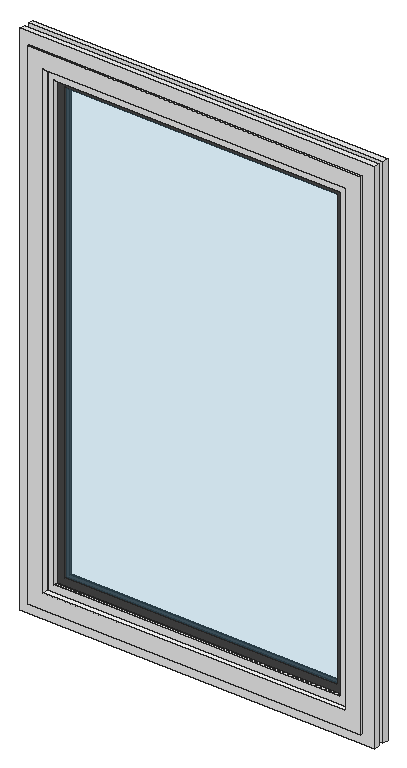
Revit family "Window_System_Solutions-NanaWall-SL-48_Tilt_Turn_Window", category Windows, host Wall, Revit 2026
Family settings
  Host = Wall
  Classification Number = 23.30.20.00
  Always vertical = Yes
  Cut with Voids When Loaded = No
  Shared = No
  Room Calculation Point = No
Parameters (values of type "Tilt Turn Open")
  Width = 36"
  Warranty URL = "http://www.nanawall.com/support/warranty"
  URL = "http://www.nanawall.com"
  Type Comments = ""
  Test Data = ""
  Subcategory = "Window"  # constant formula
  Specification = "https://www.arcat.com/sd/clients/nanawind.html?coid=34380"
  Sash = Metal - NanaWall - Aluminum
  Sales Information = "https://www.nanawall.com/contact"
  Rough Width = Width - 1 25/64"  # 34 39/64"
  Rough Height = Height - 1 25/64"  # 52 39/64"
  Revision = ""
  Product Page URL = "http://www.nanawall.com/products/sl45/matching-windows"
  Product Documentation Link = "http://www.nanawall.com/cad/configuration/details?id=20&name=SL48&typ=match&cid=452&key=Tilt%20Turn%20Window"
  Product Data = "https://www.arcat.com/arcatcos/cos34/arc34380.html"
  Operation = ""
  NanaWall Configurator = "http://www.nanawall.com/content/select-wizard"
  Model = "SL-48 Tilt Turn Window"  # constant formula
  Material = ""
  Manufacturer Website = "https://www.nanawall.com"
  Manufacturer Toll Free Phone = "(888) 411-NANA(6262)"  # constant formula
  Manufacturer Phone - Toll Free = ""
  Manufacturer Phone = "(415) 383-3148"  # constant formula
  Manufacturer Fax = "(415) 383-0312"  # constant formula
  Manufacturer Email = "mailto:info@nanawall.com"
  Manufacturer Address = "100 Meadowcreek Drive #250, Corte Madera, CA 94925"  # constant formula
  Manufacturer = "NanaWall Systems, Inc."  # constant formula
  Keynote = "08 41 00"
  Installation-Fabrication = ""
  Installation and Service URL = "http://www.nanawall.com/support/installer"
  Height = 54"
  Green Building-LEED = "https://www.arcat.com/green/clients/leed_data_34380.html"
  Glazing Options = "http://www.nanawall.com/products/sl48/glazing"
  Glass Material = Glass - NanaWall - Generic
  Filler = Rubber - NanaWall - Black
  Exterior Wall Offset = 3"
  Drawn By = ""
  Disclaimer = "Please note that the Revit model is for schematic purposes only.  To obtain a detailed 3D model, please go to the NanaWall's configurator at www.nanawall.com."  # constant formula
  Description = "Monumental Aluminum Framed Matching Windows and Doors"  # constant formula
  Wall Closure = By host
  Default Sill Height = 30"
  Cost = 0
  Copyright = ""
  Construction Type = ""
  Construction Details = ""
  Category = ""
  Building Codes = ""
  Assembly Code = ""
  95 CSI = "8411"  # constant formula
  04 CSI = "08 52 00"  # constant formula
Reference planes (in)
  plane 1 "Center (Front/Back)": y = 0
  plane 2: z = 0
  plane 3 "Center (Left/Right)": x = 0
  plane 4 "Left": x = -18
  plane 5 "Right": x = 18
  plane 6 "Sill": z = 30
  plane 7 "Top": z = 84
  plane 8: y = 1.125
  plane 9: y = 2
  plane 10: x = -15.90278
  plane 11: x = 15.90278
  plane 12: x = -19.12778
  plane 13: x = 19.12778
  plane 14: z = 85.12778
  plane 15: z = 28.87222
Forms (in)
  Sweep 1, solid, material "Metal - NanaWall - Aluminum" <- "Sash"
    path origin (18, 2, 48) x (1, 0, 0) y (0, 0, 1)
      loop
        line (-36, 36) -> (-36, -18) -> (0, -18) -> (0, 36) -> (-36, 36)
    profile "Frame : Frame" origin (0, 2, 84) x (0, 0, 1) y (0, -1, 0)
      loop
        line (1.12778, -0.875) -> (1.12778, -0.25278) -> (0.75056, -0.25278) -> (0.75056, 0.25278) -> (1.12778, 0.25278) -> (1.12778, 0.875) -> (-0.23333, 0.875) -> (-0.23333, -0.68056) -> (-0.85556, -0.68056) -> (-0.85556, 0.02722) -> (-0.68056, 0.02722) -> (-0.68056, 1.10833) -> (0, 1.10833) -> (0, 1.26389) -> (-1.65278, 1.26389) -> (-1.83412, 0.875) -> (-2.54722, 0.875) -> (-2.54722, 0.48611) -> (-2.21667, 0.48611) -> (-2.21667, 0.64167) -> (-2.48111, 0.64167) -> (-2.48111, 0.79722) -> (-1.83413, 0.79722) -> (-1.75078, 0.34077) -> (-1.84722, 0.31493) -> (-1.84722, -0.23333) -> (-1.78889, -0.23333) -> (-1.78889, -0.15556) -> (-1.65278, -0.15556) -> (-1.65278, -0.79722) -> (-1.76944, -0.79722) -> (-1.78889, -0.7) -> (-1.78889, -0.58333) -> (-1.84722, -0.58333) -> (-1.84722, -0.68056) -> (-2.54722, -0.68056) -> (-2.54722, -0.875) -> (-1.26389, -0.875) -> (-1.26389, -0.79722) -> (-1.55556, -0.79722) -> (-1.55556, -0.525) -> (-0.93333, -0.525) -> (-0.93333, -0.875) -> (1.12778, -0.875)
  Extrusion 2, void
    sketch origin (0, 0, 0) x (1, 0, 0) y (0, 0, 1)
      loop
        line (-19.12778, 85.12778) -> (-19.12778, 28.87222) -> (19.12778, 28.87222) -> (19.12778, 85.12778) -> (-19.12778, 85.12778)
    from -5 to 5
  Sweep 3, solid, material "Rubber - NanaWall - Black" <- "Filler"
    path origin (18, 2, 48) x (1, 0, 0) y (0, 0, 1)
      loop
        line (-36, 36) -> (-36, -18) -> (0, -18) -> (0, 36) -> (-36, 36)
    profile origin (0, 2, 84) x (0, 0, 1) y (0, -1, 0)
      loop
        line (-1.84722, -0.50347) -> (-1.84722, 0.30903) -> (-3.22222, 0.30903) -> (-3.22222, 0.15278) -> (-2.09722, 0.15278) -> (-2.09722, -0.34722) -> (-3.22222, -0.34722) -> (-3.22222, -0.50347) -> (-1.84722, -0.50347)
  Extrusion 4, solid, material "Glass - NanaWall - Generic" <- "Glass Material"
    sketch origin (-18, 0, 0) x (0, -1, 0) y (0, 0, 1)
      loop
        line (-2.34722, 81.90278) -> (-2.34722, 32.09722) -> (-1.84722, 32.09722) -> (-1.84722, 81.90278) -> (-2.34722, 81.90278)
    from -33.90278 to -2.09722
Lines and regions (in)
  Masking region 1
    outline origin (0, 0, 0) x (1, 0, 0) y (0, 1, 0)
      loop
        line (-19.12778, 1.125) -> (-18, 1.125) -> (-18, 0.73611) -> (18, 0.73611) -> (18, 1.125) -> (19.12778, 1.125) -> (19.12778, 1.74722) -> (18.75056, 1.74722) -> (18.75056, 2.25278) -> (19.12778, 2.25278) -> (19.12778, 2.875) -> (-19.12778, 2.875) -> (-19.12778, 2.25278) -> (-18.75056, 2.25278) -> (-18.75056, 1.74722) -> (-19.12778, 1.74722) -> (-19.12778, 1.125)
  Masking region 2
    outline origin (0, 2.9375, 0) x (1, 0, 0) y (0, 1, 0)
      loop
        line (-16.15278, -1.24653) -> (16.15278, -1.24653) -> (16.15278, -0.43403) -> (-16.15278, -0.43403) -> (-16.15278, -1.24653)
  Masking region 3, detail levels medium+fine
    outline origin (0, 0, 0) x (1, 0, 0) y (0, 1, 0)
      loop
        line (-15.90278, 2.34722) -> (-15.90278, 1.84722) -> (15.90278, 1.84722) -> (15.90278, 2.34722) -> (-15.90278, 2.34722)
  symbolic lines, detail levels coarse+medium
    curve 1: line (-16.15278, 0.73611, 0) -> (-16.15278, 2.875, 0)
    curve 2: line (16.15278, 0.73611, 0) -> (16.15278, 2.875, 0)
  symbolic lines, detail levels fine
    curve 3: line (-15.45278, 1.125, 0) -> (15.45278, 1.125, 0)
Text (in)
  text "EXTERIOR" at (-58.6888, 50.90694, 0), in view "Ref. Level"
  text "INTERIOR" at (-58.6888, -37.76638, 0), in view "Ref. Level"
  text "Exterior" at (0, 43.65631, 123.19604), in view "Left"
  text "Exterior" at (0, 18.29385, 125.04747), in view "Right"
Dimensions and locks (in)
  equal spacing: plane 4 "Left", plane 3 "Center (Left/Right)", plane 5 "Right"
  "Width": plane 4 "Left" to plane 5 "Right"
  "Height": plane 6 "Sill" to plane 7 "Top"
  "Default Sill Height": plane 2 to plane 6 "Sill"
  locked: plane 8 to plane 9 at 0.875
  Sweep 3 sketch curve to Sweep 3 sketch curve to Sweep 3 sketch curve to Sweep 3 sketch curve to plane 7 "Top" = 0" locked, 1 1/8" locked, 1/4" locked, 1.84722" locked
  Sweep 3 sketch curve to Sweep 3 sketch curve to plane 9 to Sweep 3 sketch curve to Sweep 3 sketch curve = 5/32" locked, 0.34722" locked, 0.15278" locked, 5/32" locked
  locked: plane 6 "Sill" to Extrusion 4 sketch curve at 2.09722
  Extrusion 4 sketch curve to plane 9 to Extrusion 4 sketch curve = 0.34722" locked, 0.15278" locked
  locked: plane 4 "Left" to plane 10 at 2.09722
  locked: plane 11 to plane 5 "Right" at 2.09722
  Masking region 3 sketch curve to plane 9 to Masking region 3 sketch curve = 0.15278" locked, 0.34722" locked
  locked: Masking region 2 sketch curve to plane 10 at 0.25
  locked: plane 11 to Masking region 2 sketch curve at 0.25
  Masking region 2 sketch curve to plane 9 to Masking region 2 sketch curve = 0.30903" locked, 0.50347" locked
  "Exterior Wall Offset": plane 9 to host wall
  locked: Extrusion 4 sketch curve to plane 7 "Top" at 2.09722
  Masking region 1 sketch curve to Masking region 1 sketch curve to Masking region 1 sketch curve to plane 4 "Left" = 0" locked, 0.37722" locked, 0.75056" locked
  plane 5 "Right" to Masking region 1 sketch curve to Masking region 1 sketch curve to Masking region 1 sketch curve = 0.75056" locked, 0.37722" locked, 0" locked
  Masking region 1 sketch curve to Masking region 1 sketch curve to Masking region 1 sketch curve to plane 9 to Masking region 1 sketch curve to Masking region 1 sketch curve = 0.38889" locked, 0.62222" locked, 0.25278" locked, 0.25278" locked, 0.62222" locked
  Masking region 1 sketch curve to Masking region 1 sketch curve to plane 9 to Masking region 1 sketch curve = 0.62222" locked, 0.25278" locked, 0.25278" locked
  locked: plane 12 to plane 4 "Left" at 1.12778
  locked: plane 5 "Right" to plane 13 at 1.12778
  locked: plane 15 to plane 6 "Sill" at 1.12778
  locked: plane 7 "Top" to plane 14 at 1.12778
  aligned and locked: level to plane 2
  aligned and locked: plane 7 "Top" to Sweep 1 sketch curve
  aligned and locked: plane 5 "Right" to Sweep 1 sketch curve
  aligned and locked: Sweep 1 sketch curve to plane 4 "Left"
  aligned and locked: Sweep 1 sketch curve to plane 6 "Sill"
  aligned and locked: host wall to Extrusion 2  (x2)
  aligned and locked: plane 7 "Top" to nested 1
  aligned and locked: plane 9 to nested 1
  aligned and locked: plane 4 "Left" to nested 2
  aligned and locked: plane 5 "Right" to nested 3
  aligned and locked: nested 4 to plane 9
  aligned and locked: plane 6 "Sill" to nested 4
  aligned and locked: plane 7 "Top" to Sweep 3 sketch curve
  aligned and locked: Sweep 3 sketch curve to plane 4 "Left"
  aligned and locked: Sweep 3 sketch curve to Sweep 1  (x2)
  aligned and locked: plane 10 to Extrusion 4
  aligned and locked: plane 11 to Extrusion 4
  aligned and locked: Masking region 1 sketch curve to plane 4 "Left"
  aligned and locked: Masking region 3 sketch curve to Sweep 3  (x2)
  aligned and locked: plane 9 to nested 3
  aligned and locked: nested 2 to plane 9
  aligned and locked: plane 12 to Extrusion 2 sketch curve
  aligned and locked: Extrusion 2 sketch curve to plane 13
  aligned and locked: Extrusion 2 sketch curve to plane 15
  aligned and locked: Extrusion 2 sketch curve to plane 14
Automatic sketch dimensions
  Masking region 1 sketch curve to plane 5 "Right" = 0"
  plane 8 to curve 3 = 0"
  plane 10 to curve 1 = 1/4"
  curve 3 to plane 10 = 0.45"
  curve 3 to plane 11 = 0.45"
  plane 11 to curve 2 = 1/4"
  plane 8 to curve 1 = 0.38889"
  plane 8 to curve 2 = 0.38889"
  curve 2 to plane 9 = 7/8"
  curve 1 to plane 9 = 7/8"
Nested families (in)
  nested 1: "SL 48 Tilt Turn Detail" at (-18, 2, 84) x (0, -1, 0) z (-1, 0, 0), type "SL 48 Tilt Turn Detail", detail levels fine
  nested 2: "SL 48 Tilt Turn Detail" at (-18, 2, 0) x (0, -1, 0) z (0, 0, 1), type "SL 48 Tilt Turn Detail", detail levels fine
  nested 3: "SL 48 Tilt Turn Detail" at (18, 2, 0) x (0, -1, 0) z (0, 0, 1), type "SL 48 Tilt Turn Detail"
  nested 4: "SL 48 Tilt Turn Detail" at (-18, 2, 30) x (0, -1, 0) z (-1, 0, 0), type "SL 48 Tilt Turn Detail", detail levels fine
Definition of nested family "SL 48 Tilt Turn Detail"
  Reference planes (in)
    plane 1 "Center (Front/Back)": y = 0
    plane 2: z = 0
    plane 3 "Center (Left/Right)": x = 0
  Lines and regions (in)
    detail lines, in view "Ref. Level", detail levels fine
      curve 1: line (-0.69619, 1.12778, 0) -> (-0.875, 1.12778, 0)
      curve 2: line (-0.875, 1.12778, 0) -> (-0.875, -0.93333, 0)
      curve 3: line (-0.68056, 1.06944, 0) -> (-0.69619, 1.12778, 0)
      curve 4: line (-0.805, 1.06944, 0) -> (-0.68056, 1.06944, 0)
      curve 5: line (-0.805, 0.93722, 0) -> (-0.805, 1.06944, 0)
      curve 6: line (-0.31111, 0.93722, 0) -> (-0.805, 0.93722, 0)
      curve 7: line (-0.31111, 1.06944, 0) -> (-0.31111, 0.93722, 0)
      curve 8: line (-0.38889, 1.06944, 0) -> (-0.31111, 1.06944, 0)
      curve 9: line (-0.37326, 1.12778, 0) -> (-0.38889, 1.06944, 0)
      curve 10: line (-0.25278, 1.12778, 0) -> (-0.37326, 1.12778, 0)
      curve 11: line (-0.25278, 1.12778, 0) -> (-0.25278, 0.75056, 0)
      curve 12: line (0.25278, 0.75056, 0) -> (-0.25278, 0.75056, 0)
      curve 13: line (0.25278, 1.12778, 0) -> (0.25278, 0.75056, 0)
      curve 14: line (0.25278, 1.12778, 0) -> (0.37326, 1.12778, 0)
      curve 15: line (0.37326, 1.12778, 0) -> (0.38889, 1.06944, 0)
      curve 16: line (0.38889, 1.06944, 0) -> (0.31111, 1.06944, 0)
      curve 17: line (0.31111, 1.06944, 0) -> (0.31111, 0.93722, 0)
      curve 18: line (0.31111, 0.93722, 0) -> (0.805, 0.93722, 0)
      curve 19: line (0.805, 1.06944, 0) -> (0.805, 0.93722, 0)
      curve 20: line (0.68056, 1.06944, 0) -> (0.805, 1.06944, 0)
      curve 21: line (0.69619, 1.12778, 0) -> (0.68056, 1.06944, 0)
      curve 22: line (0.875, 1.12778, 0) -> (0.69619, 1.12778, 0)
      curve 23: line (0.875, -0.23333, 0) -> (0.875, 1.12778, 0)
      curve 24: line (0.805, 0.74278, 0) -> (0.805, 0.87111, 0)
      curve 25: line (0.805, 0.87111, 0) -> (0.31889, 0.87111, 0)
      curve 26: line (0.31889, 0.87111, 0) -> (0.31889, 0.68444, 0)
      curve 27: line (-0.31889, 0.68444, 0) -> (0.31889, 0.68444, 0)
      curve 28: line (-0.31889, 0.87111, 0) -> (-0.31889, 0.68444, 0)
      curve 29: line (-0.805, 0.87111, 0) -> (-0.31889, 0.87111, 0)
      curve 30: line (-0.805, 0.74278, 0) -> (-0.805, 0.87111, 0)
      curve 31: line (-0.79722, 0.68444, 0) -> (-0.71944, 0.68444, 0)
      curve 32: line (-0.71944, 0.74278, 0) -> (-0.805, 0.74278, 0)
      curve 33: line (-0.79722, 0.02722, 0) -> (-0.79722, 0.68444, 0)
      curve 34: line (0.00794, 0.02722, 0) -> (-0.79722, 0.02722, 0)
      curve 35: line (0.18667, -0.1515, 0) -> (0.00794, 0.02722, 0)
      curve 36: arc (0.26444, 0.02722, 0) -> (0.20945, 0.00444, 0) -> (0.18667, -0.05056, 0) r 0.07778
      curve 37: line (0.18667, -0.05056, 0) -> (0.18667, -0.1515, 0)
      curve 38: line (0.26444, 0.02722, 0) -> (0.79722, 0.02722, 0)
      curve 39: line (0.79722, 0.02722, 0) -> (0.79722, 0.68444, 0)
      curve 40: line (0.71944, 0.74278, 0) -> (0.805, 0.74278, 0)
      curve 41: line (0.79722, 0.68444, 0) -> (0.71944, 0.68444, 0)
      curve 42: line (0.71944, -0.175, 0) -> (0.73507, -0.23333, 0)
      curve 43: line (0.73507, -0.23333, 0) -> (0.875, -0.23333, 0)
      curve 44: line (0.79722, -0.175, 0) -> (0.71944, -0.175, 0)
      curve 45: line (0.79722, -0.03889, 0) -> (0.79722, -0.175, 0)
      curve 46: line (0.25278, -0.03889, 0) -> (0.79722, -0.03889, 0)
      curve 47: line (0.25278, -0.175, 0) -> (0.25278, -0.03889, 0)
      curve 48: line (0.31493, -0.23333, 0) -> (0.33056, -0.175, 0)
      curve 49: line (0.33056, -0.175, 0) -> (0.25278, -0.175, 0)
      curve 50: line (0.03896, -0.23333, 0) -> (0.31493, -0.23333, 0)
      curve 51: line (0.02333, -0.175, 0) -> (0.03896, -0.23333, 0)
      curve 52: line (0.11667, -0.175, 0) -> (0.02333, -0.175, 0)
      curve 53: line (-0.01944, -0.03889, 0) -> (0.11667, -0.175, 0)
      curve 54: line (-0.38889, -0.03889, 0) -> (-0.01944, -0.03889, 0)
      curve 55: line (-0.38889, -0.175, 0) -> (-0.38889, -0.03889, 0)
      curve 56: line (-0.33056, -0.175, 0) -> (-0.38889, -0.175, 0)
      curve 57: line (-0.34619, -0.23333, 0) -> (-0.33056, -0.175, 0)
      curve 58: line (-0.42335, -0.23333, 0) -> (-0.34619, -0.23333, 0)
      curve 59: line (-0.44722, -0.03889, 0) -> (-0.42335, -0.23333, 0)
      curve 60: line (-0.79722, -0.03889, 0) -> (-0.44722, -0.03889, 0)
      curve 61: line (-0.79722, -0.15556, 0) -> (-0.79722, -0.03889, 0)
      curve 62: line (-0.7, -0.175, 0) -> (-0.79722, -0.15556, 0)
      curve 63: line (-0.58333, -0.175, 0) -> (-0.7, -0.175, 0)
      curve 64: line (-0.58333, -0.175, 0) -> (-0.58333, -0.23333, 0)
      curve 65: line (-0.58333, -0.23333, 0) -> (-0.79722, -0.23333, 0)
      curve 66: line (-0.79722, -0.23333, 0) -> (-0.79722, -0.57556, 0)
      curve 67: line (-0.71167, -0.57556, 0) -> (-0.79722, -0.57556, 0)
      curve 68: line (-0.71167, -0.49778, 0) -> (-0.71167, -0.57556, 0)
      curve 69: line (-0.68056, -0.49778, 0) -> (-0.71167, -0.49778, 0)
      curve 70: line (-0.68056, -0.68056, 0) -> (-0.68056, -0.49778, 0)
      curve 71: line (-0.71944, -0.68056, 0) -> (-0.68056, -0.68056, 0)
      curve 72: line (-0.71944, -0.63389, 0) -> (-0.71944, -0.68056, 0)
      curve 73: line (-0.79722, -0.63389, 0) -> (-0.71944, -0.63389, 0)
      curve 74: line (-0.79722, -0.85556, 0) -> (-0.79722, -0.63389, 0)
      curve 75: line (-0.875, -0.93333, 0) -> (-0.525, -0.93333, 0)
      curve 76: line (-0.79722, -0.85556, 0) -> (0.02722, -0.85556, 0)
      curve 77: line (0.02722, -0.85556, 0) -> (0.02722, -0.68056, 0)
      curve 78: line (0.02722, -0.68056, 0) -> (0.19444, -0.68056, 0)
      curve 79: line (0.19444, -0.68056, 0) -> (0.19444, -0.73889, 0)
      curve 80: line (0.19444, -0.73889, 0) -> (0.09722, -0.73889, 0)
      curve 81: line (0.09722, -0.73889, 0) -> (0.09722, -0.85556, 0)
      curve 82: line (0.09722, -0.85556, 0) -> (0.875, -0.85556, 0)
      curve 83: line (1.19389, -0.92556, 0) -> (-0.455, -0.92556, 0)
      curve 84: line (0.875, -0.85556, 0) -> (0.875, -0.73889, 0)
      curve 85: line (0.875, -0.73889, 0) -> (0.77778, -0.73889, 0)
      curve 86: line (0.77778, -0.73889, 0) -> (0.77778, -0.68056, 0)
      curve 87: line (0.77778, -0.68056, 0) -> (0.945, -0.68056, 0)
      curve 88: line (0.945, -0.85556, 0) -> (0.945, -0.68056, 0)
      curve 89: line (1.19389, -0.85556, 0) -> (0.945, -0.85556, 0)
      curve 90: line (1.19389, -0.29167, 0) -> (1.19389, -0.85556, 0)
      curve 91: line (1.10833, -0.29167, 0) -> (1.19389, -0.29167, 0)
      curve 92: line (1.10833, -0.21, 0) -> (1.10833, -0.29167, 0)
      curve 93: line (1.14722, -0.21, 0) -> (1.10833, -0.21, 0)
      curve 94: line (1.14722, -0.25278, 0) -> (1.14722, -0.21, 0)
      curve 95: line (1.20556, -0.25278, 0) -> (1.14722, -0.25278, 0)
      curve 96: line (1.20556, -0.04667, 0) -> (1.20556, -0.25278, 0)
      curve 97: line (1.14722, -0.04667, 0) -> (1.20556, -0.04667, 0)
      curve 98: line (1.14722, -0.08944, 0) -> (1.14722, -0.04667, 0)
      curve 99: line (1.10833, -0.08944, 0) -> (1.14722, -0.08944, 0)
      curve 100: line (1.10833, 0, 0) -> (1.10833, -0.08944, 0)
      curve 101: line (1.26389, 0, 0) -> (1.10833, 0, 0)
      curve 102: line (1.26389, -1.56607, 0) -> (1.26389, 0, 0)
      curve 103: line (-0.455, -0.92556, 0) -> (-0.455, -1.58278, 0)
      curve 104: line (-0.455, -1.58278, 0) -> (-0.09722, -1.58278, 0)
      curve 105: line (-0.79722, -1.55556, 0) -> (-0.525, -1.55556, 0)
      curve 106: line (-0.525, -1.55556, 0) -> (-0.525, -0.93333, 0)
      curve 107: line (-0.79722, -1.26389, 0) -> (-0.79722, -1.55556, 0)
      curve 108: line (-0.875, -2.54722, 0) -> (-0.875, -1.26389, 0)
      curve 109: line (-0.875, -1.26389, 0) -> (-0.79722, -1.26389, 0)
      curve 110: line (-0.68056, -2.54722, 0) -> (-0.875, -2.54722, 0)
      curve 111: line (-0.68056, -2.45, 0) -> (-0.68056, -2.54722, 0)
      curve 112: line (-0.71944, -2.45, 0) -> (-0.68056, -2.45, 0)
      curve 113: line (-0.71944, -2.49667, 0) -> (-0.71944, -2.45, 0)
      curve 114: line (-0.79722, -2.49667, 0) -> (-0.71944, -2.49667, 0)
      curve 115: line (-0.79722, -2.24778, 0) -> (-0.79722, -2.49667, 0)
      curve 116: line (-0.71944, -2.24778, 0) -> (-0.79722, -2.24778, 0)
      curve 117: line (-0.71944, -2.29444, 0) -> (-0.71944, -2.24778, 0)
      curve 118: line (-0.68056, -2.29444, 0) -> (-0.71944, -2.29444, 0)
      curve 119: line (-0.68056, -2.11167, 0) -> (-0.68056, -2.29444, 0)
      curve 120: line (-0.71167, -2.18944, 0) -> (-0.71167, -2.11167, 0)
      curve 121: line (-0.71167, -2.11167, 0) -> (-0.68056, -2.11167, 0)
      curve 122: line (-0.79722, -2.18944, 0) -> (-0.71167, -2.18944, 0)
      curve 123: line (-0.79722, -1.84722, 0) -> (-0.79722, -2.18944, 0)
      curve 124: line (-0.58333, -1.84722, 0) -> (-0.79722, -1.84722, 0)
      curve 125: line (-0.58333, -1.78889, 0) -> (-0.58333, -1.84722, 0)
      curve 126: line (-0.58333, -1.78889, 0) -> (-0.7, -1.78889, 0)
      curve 127: line (-0.7, -1.78889, 0) -> (-0.79722, -1.76944, 0)
      curve 128: line (-0.79722, -1.76944, 0) -> (-0.79722, -1.65278, 0)
      curve 129: line (-0.15556, -1.65278, 0) -> (-0.79722, -1.65278, 0)
      curve 130: line (-0.15556, -1.78889, 0) -> (-0.15556, -1.65278, 0)
      curve 131: line (-0.23333, -1.78889, 0) -> (-0.15556, -1.78889, 0)
      curve 132: line (-0.23333, -1.84722, 0) -> (-0.23333, -1.78889, 0)
      curve 133: line (0.31493, -1.84722, 0) -> (-0.23333, -1.84722, 0)
      curve 134: line (0.34077, -1.75078, 0) -> (0.31493, -1.84722, 0)
      curve 135: line (0.34077, -1.75078, 0) -> (0.62268, -1.80226, 0)
      curve 136: line (0.28865, -1.68592, 0) -> (0.25278, -1.78889, 0)
      curve 137: line (0.25278, -1.65278, 0) -> (0.25278, -1.78889, 0)
      curve 138: line (0.79722, -1.65278, 0) -> (0.25278, -1.65278, 0)
      curve 139: line (0.79722, -1.77878, 0) -> (0.28865, -1.68592, 0)
      curve 140: line (0.79722, -1.77878, 0) -> (0.79722, -1.65278, 0)
      curve 141: line (0.875, -1.83412, 0) -> (1.1853, -1.68942, 0)
      curve 142: arc (1.1853, -1.68942, 0) -> (1.24257, -1.6392, 0) -> (1.26389, -1.56607, 0) r 0.13611
      curve 143: line (0.875, -2.54722, 0) -> (0.875, -1.83412, 0)
      curve 144: line (0.48611, -2.54722, 0) -> (0.875, -2.54722, 0)
      curve 145: line (0.48611, -2.54722, 0) -> (0.48611, -2.45, 0)
      curve 146: line (0.48611, -2.45, 0) -> (0.525, -2.45, 0)
      curve 147: line (0.525, -2.48889, 0) -> (0.525, -2.45, 0)
      curve 148: line (0.60278, -2.48889, 0) -> (0.525, -2.48889, 0)
      curve 149: line (0.60278, -2.25556, 0) -> (0.60278, -2.48889, 0)
      curve 150: line (0.79722, -2.48111, 0) -> (0.64167, -2.48111, 0)
      curve 151: line (0.79722, -1.93667, 0) -> (0.79722, -2.48111, 0)
      curve 152: line (0.64167, -2.48111, 0) -> (0.64167, -2.21667, 0)
      curve 153: line (0.64167, -2.21667, 0) -> (0.525, -2.21667, 0)
      curve 154: arc (0.525, -2.21667, 0) -> (0.4975, -2.22806, 0) -> (0.48611, -2.25556, 0) r 0.03889
      curve 155: line (0.48611, -2.25556, 0) -> (0.60278, -2.25556, 0)
      curve 156: line (-0.09722, -1.58278, 0) -> (-0.09722, -1.78889, 0)
      curve 157: line (0.19444, -1.78889, 0) -> (-0.09722, -1.78889, 0)
      curve 158: line (0.19444, -1.78889, 0) -> (0.19444, -1.58278, 0)
      curve 159: line (0.19444, -1.58278, 0) -> (0.85556, -1.58278, 0)
      curve 160: line (0.85556, -1.58278, 0) -> (0.85556, -1.76595, 0)
      curve 161: line (0.85556, -1.76595, 0) -> (1.19389, -1.60818, 0)
      curve 162: line (1.19389, -1.60818, 0) -> (1.19389, -0.92556, 0)
      curve 163: arc (0.62268, -1.80226, 0) -> (0.62247, -1.89182, 0) -> (0.7, -1.93667, 0) r 0.08944
      curve 164: line (0.7, -1.93667, 0) -> (0.79722, -1.93667, 0)
      curve 165: line (-0.71944, 0.68444, 0) -> (-0.71944, 0.74278, 0)
      curve 166: line (0.71944, 0.68444, 0) -> (0.71944, 0.74278, 0)
